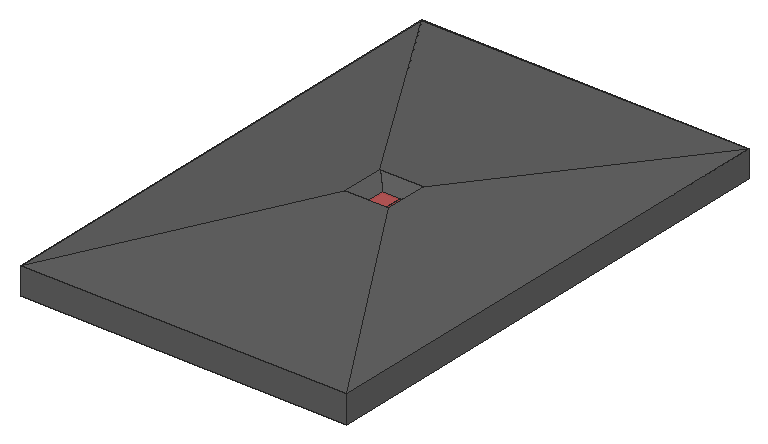
Revit family "Proximity Reader_P-500_Farpointe_R15", category Security Devices, host Face, Revit 2015
Parameters
  Width = 3"
  URL - Quick Start Guides [instance] = "http://farpointedata.com/downloads/qsg_and_ref/ProximityReaders_QSG.pdf"
  URL - Mounting Guides Letter Size [instance] = "http://farpointedata.com/downloads/mounting_guides/MountingGuide_P500_Ltr.pdf"
  URL - Mounting Guides A4 Size [instance] = "http://farpointedata.com/downloads/mounting_guides/MountingGuide_P500_A4.pdf"
  URL - Data Sheets [instance] = "http://farpointedata.com/downloads/datasheets/P500_TDS.pdf"
  URL - Bid Specifications [instance] = "http://farpointedata.com/downloads/bid_specs/Farpointe_Pyramid_Specification.docx"
  URL = "http://www.farpointedata.com/"
  Modeled By [instance] = "www.commensestudio.com"
  Model = "P-500 Proximity Reader"  # constant formula
  Manufacturer = "Farpointe Data"  # constant formula
  LED [instance] = LED
  Height = 4.6"
  Description = "Single-Gang Wall Switch Box"  # constant formula
  Depth = 0.4"
  Default Elevation = 48"
  Cover [instance] = Cover
Reference planes (in)
  plane 1 "Center (Front/Back)": y = 0
  plane 2: z = 0
  plane 3 "Center (Left/Right)": x = 0
  plane 4: x = -1.5
  plane 5: x = 1.5
  plane 6: y = 2.3
  plane 7: y = -2.3
  plane 8: z = 0.4
Forms (in)
  Extrusion 1, solid, material "Cover" <- "Cover"
    sketch origin (0, 0, 0) x (1, 0, 0) y (0, 1, 0)
      loop
        line (-1.5, -2.3) -> (1.5, -2.3) -> (1.5, 2.3) -> (-1.5, 2.3) -> (-1.5, -2.3)
    from 0 to 0.25
  Blend 2, solid, material "Cover" <- "Cover"
    base sketch origin (0, 0, 0) x (1, 0, 0) y (0, 1, 0)
      loop
        line (-1.5, 2.3) -> (-1.5, -2.3) -> (1.5, -2.3) -> (1.5, 2.3) -> (-1.5, 2.3)
    top sketch origin (0, 0, 0) x (1, 0, 0) y (0, 1, 0)
      loop
        line (-0.19907, -0.19907) -> (0.19907, -0.19907) -> (0.19907, 0.19907) -> (-0.19907, 0.19907) -> (-0.19907, -0.19907)
    from 0.25 to 0.4
  Extrusion 3, solid, material "LED" <- "LED"
    sketch origin (0, 0, -0.3) x (1, 0, 0) y (0, 1, 0)
      loop
        line (0.085, -0.085) -> (0.085, 0.085) -> (-0.085, 0.085) -> (-0.085, -0.085) -> (0.085, -0.085)
    from 0.55 to 0.61
  Blend 4, void
    base sketch origin (0, 0, -0.3) x (1, 0, 0) y (0, 1, 0)
      loop
        line (-0.085, 0.085) -> (-0.085, -0.085) -> (0.085, -0.085) -> (0.085, 0.085) -> (-0.085, 0.085)
    top sketch origin (0, 0, -0.3) x (1, 0, 0) y (0, 1, 0)
      loop
        line (-0.19907, 0.19907) -> (-0.19907, -0.19907) -> (0.19907, -0.19907) -> (0.19907, 0.19907) -> (-0.19907, 0.19907)
    from 0.6 to 0.7
Cuts and joins
  Blend 4 cuts Blend 2
Dimensions and locks (in)
  equal spacing: plane 7, plane 1 "Center (Front/Back)", plane 6
  equal spacing: plane 4, plane 3 "Center (Left/Right)", plane 5
  "Height": plane 7 to plane 6
  "Width": plane 4 to plane 5
  "Depth": plane 8 to level
  aligned and locked: plane 2 to host face
  aligned and locked: level to host face
Automatic sketch dimensions
  host sketch curve to host sketch curve = 96"  (x2)
  Extrusion 1 sketch curve to plane 4 = 0"
  Extrusion 1 sketch curve to plane 5 = 0"
  plane 7 to Extrusion 1 sketch curve = 0"
  plane 6 to Extrusion 1 sketch curve = 0"
  Blend 2 sketch curve to plane 4 = 0"
  Blend 2 sketch curve to plane 5 = 0"
  plane 7 to Blend 2 sketch curve = 0"
  plane 6 to Blend 2 sketch curve = 0"
  Blend 2 sketch curve to plane 3 "Center (Left/Right)" = 0.19907"
  plane 3 "Center (Left/Right)" to Blend 2 sketch curve = 0.19907"
  plane 1 "Center (Front/Back)" to Blend 2 sketch curve = 0.19907"
  Blend 2 sketch curve to plane 1 "Center (Front/Back)" = 0.19907"
  Extrusion 3 sketch curve to plane 3 "Center (Left/Right)" = 0.085"
  plane 3 "Center (Left/Right)" to Extrusion 3 sketch curve = 0.085"
  plane 1 "Center (Front/Back)" to Extrusion 3 sketch curve = 0.085"
  Extrusion 3 sketch curve to plane 1 "Center (Front/Back)" = 0.085"
  Blend 4 sketch curve to plane 3 "Center (Left/Right)" = 0.085"
  plane 3 "Center (Left/Right)" to Blend 4 sketch curve = 0.085"
  plane 1 "Center (Front/Back)" to Blend 4 sketch curve = 0.085"
  Blend 4 sketch curve to plane 1 "Center (Front/Back)" = 0.085"
  Blend 4 sketch curve to plane 3 "Center (Left/Right)" = 0.19907"
  plane 3 "Center (Left/Right)" to Blend 4 sketch curve = 0.19907"
  plane 1 "Center (Front/Back)" to Blend 4 sketch curve = 0.19907"
  Blend 4 sketch curve to plane 1 "Center (Front/Back)" = 0.19907"
Connectors (in)
  electrical at (0, 0, 0)
    settings: index 3, voltage 0 V, apparent load 0 VA, apparent load phase1 0 VA, apparent load phase2 0 VA, apparent load phase3 0 VA, power factor 1, load classification "Other", number of poles 1, system type 10, power factor state 1, is connector primary yes, connector utility no, sub classification motor no, connector description ""
